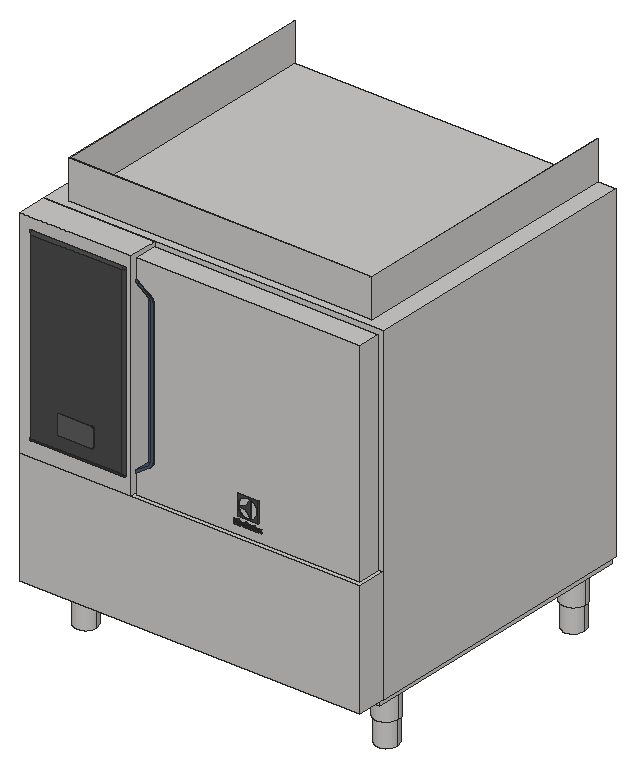
Revit family "QF_ELECTROLUXPROFESSIONAL_725538_EBFA61WE", category Specialty Equipment, Revit 2023
Family settings
  Round Connector Dimension = Use Diameter
  Part Type = Normal
  Work Plane-Based = No
  Enable Cutting in Views = No
  Always vertical = Yes
  Cut with Voids When Loaded = No
  Maintain Annotation Orientation = No
  Shared = No
  Room Calculation Point = No
Parameters
  Weight = 170.00 kg
  Watts = 0 W
  Volts = 380 V
  URL Manufacturer = "http://www.electroluxprofessional.com"
  URL = "http://www.electroluxprofessional.com"
  Steam Supply Size = 0 mm
  Steam Supply Minimum Pressure = 0.0 Pa
  Steam Supply Maximum Pressure = 0.0 Pa
  Steam Pounds per Hour = 0
  Show Logo [instance] = yes
  Show Clearance [instance] = yes
  Refrigeration Suction Line Size = 0 mm
  Refrigeration Liquid Line Size = 0 mm
  Refrigerant Compressor Remote = yes
  Manufacturer = "Electrolux Professional"
  Phase = 3
  Model = "EBFA61WE"
  Length Actual = 897 mm
  Item Number = "725538"
  Hot Water Size = 0 mm
  Height Actual = 1020 mm
  HP = "3.6 HP"
  Gas Size = 0 mm
  Gas KW = 0
  Gas Input Pressure = 0 W
  Direct Waste Size = 139.7 mm
  Description = "SKYLINE CHILLS BLAST CHILLER FREEZER 30/30KG 6 GN 1/1 - FOR TOWER EXECUTION - R290"
  Depth Actual = 937 mm
  Default Elevation = 0 mm
  Cycle = 50 Hz
  Condensate Return Size = 0 mm
  Compressed Air Volume = 0.0 L/s
  Compressed Air Size = 0 mm
  Compressed Air Pressure = 0.0 Pa
  Cold Water Size = 0 mm
  Accessory = no
Reference planes
  plane 1 "Center X": y = 126.851
  plane 2: z = 0
  plane 3 "Center Y": x = -311.5
  plane 4 "LEFT": x = -760
  plane 5 "BACK": y = 548.851
  plane 6 "RIGHT": x = 137
  plane 7 "FRONT": y = -295.149
  plane 8: z = 130
  plane 9: x = -708
  plane 10: y = 473.851
  plane 11: x = 85
  plane 12: y = -142.149
  plane 13 "TOP": z = 1020.038
  plane 14: y = 641.851
  plane 15: y = -847.149
Forms (mm)
  Extrusion 1, solid, material "QF_Finishes_Stainless Steel"
    sketch origin (0, 0, 1060.038) x (-1, 0, 0) y (0, -1, 0)
      loop
        line (759, -548.851) -> (759, 216.149) -> (-136, 216.149) -> (-136, -548.851) -> (759, -548.851)
    from -40 to -910.018
  Extrusion 2, solid, material "QF_Finishes_Stainless Steel"
    sketch origin (0, -295.149, 0) x (-1, 0, 0) y (0, 0, 1)
      loop
        line (451.2, 1020.033) -> (-135.995, 1020.033) -> (-135.995, 462.497) -> (451.2, 462.497) -> (451.2, 513.683) -> (415.41, 537.406)
        arc (415.41, 537.406) -> (408.839, 544.616) -> (406.46, 554.076) r 20
        line (406.46, 554.076) -> (406.46, 928.989)
        arc (406.46, 928.989) -> (408.716, 937.969) -> (414.947, 944.816) r 19
        line (414.947, 944.816) -> (451.2, 968.898) -> (451.2, 1020.033)
    from 0 to 60
  Extrusion 3, void
    sketch origin (-759, -216.149, 1060.038) x (-1, 0, 0) y (0, 0, 1)
      loop
        line (-370.8, -100) -> (-826.8, -100) -> (-826.8, -491.98) -> (-370.8, -491.98) -> (-370.8, -100)
    from 0 to 703
  Extrusion 4, solid, material "QF_Finishes_Stainless Steel"
    sketch origin (-760, -0.954, 0) x (0, 1, 0) y (0, 0, 1)
      loop
        line (549.805, 694.306) -> (549.805, 392.314) -> (635.5, 399.789)
        arc (635.5, 399.789) -> (640.702, 402.354) -> (642.805, 407.759) r 8
        line (642.805, 407.759) -> (642.805, 433.233)
        arc (642.805, 433.233) -> (638.783, 442.547) -> (642.805, 451.86) r 12.795
        line (642.805, 451.86) -> (642.805, 483.24)
        arc (642.805, 483.24) -> (638.783, 492.554) -> (642.805, 501.867) r 12.795
        line (642.805, 501.867) -> (642.805, 533.247)
        arc (642.805, 533.247) -> (638.783, 542.56) -> (642.805, 551.874) r 12.795
        line (642.805, 551.874) -> (642.805, 583.254)
        arc (642.805, 583.254) -> (638.783, 592.567) -> (642.805, 601.881) r 12.795
        line (642.805, 601.881) -> (642.805, 634.796)
        arc (642.805, 634.796) -> (641.466, 639.795) -> (637.808, 643.455) r 10
        line (637.808, 643.455) -> (549.805, 694.306)
    from 123.244 to 306.92
  Extrusion 5, solid, material "QF_Finishes_Stainless Steel"
    sketch origin (-817.599, 548.851, 1060.038) x (1, 0, 0) y (0, 0, -1)
      loop
        circle (121.599, 802.038) r 10.5
    from 0 to 29
  Extrusion 6, solid, material "QF_Finishes_Stainless Steel"
    sketch origin (0, -235.149, 0) x (-1, 0, 0) y (0, 0, 1)
      loop
        arc (406.46, 554.076) -> (408.839, 544.616) -> (415.41, 537.406) r 20
        line (415.41, 537.406) -> (451.2, 513.683) -> (451.2, 968.898) -> (414.947, 944.816)
        arc (414.947, 944.816) -> (408.716, 937.969) -> (406.46, 928.989) r 19
        line (406.46, 928.989) -> (406.46, 554.076)
    from -21 to 0
  Extrusion 7, solid, material "QF_Finishes_Electrolux_Blue"
    sketch origin (0, -295.149, 0) x (1, 0, 0) y (0, 0, 1)
      loop
        line (-451.2, 968.898) -> (-453.7, 968.898) -> (-453.7, 962.755) -> (-418.543, 939.401)
        arc (-418.543, 939.401) -> (-414.444, 934.897) -> (-412.96, 928.989) r 12.5
        line (-412.96, 928.989) -> (-412.96, 554.076)
        arc (-412.96, 554.076) -> (-414.566, 547.691) -> (-419.001, 542.824) r 13.5
        line (-419.001, 542.824) -> (-453.7, 519.824) -> (-453.7, 513.683) -> (-451.2, 513.683) -> (-415.41, 537.406)
        arc (-415.41, 537.406) -> (-408.839, 544.616) -> (-406.46, 554.076) r 20
        line (-406.46, 554.076) -> (-406.46, 928.989)
        arc (-406.46, 928.989) -> (-408.716, 937.969) -> (-414.947, 944.816) r 19
        line (-414.947, 944.816) -> (-451.2, 968.898)
    from -39 to 1
  Extrusion 8, solid, material "QF_Finishes_Stainless Steel"
    sketch origin (0, 0, 1060.038) x (-1, 0, 0) y (0, -1, 0)
      loop
        line (759, 295.149) -> (467.2, 295.149) -> (467.2, 217.149) -> (759, 217.149) -> (759, 295.149)
    from -40 to -607
  Extrusion 9, solid, material "QF_Finishes_Stainless Steel"
    sketch origin (-1206.916, -1524, 130) x (-1, 0, 0) y (0, -1, 0)
      loop
        line (-447.916, -1228.851) -> (-1342.916, -1228.851) -> (-1342.916, -1306.851) -> (-447.916, -1306.851) -> (-447.916, -1228.851)
    from 322 to 20.02
  Extrusion 10, solid, material "QF_Finishes_Stainless Steel"
    sketch origin (0, 0, 1060.038) x (-1, 0, 0) y (0, -1, 0)
      loop
        line (748.993, -548.851) -> (748.993, 214.216) -> (-125.993, 214.216) -> (-125.993, -548.851) -> (748.993, -548.851)
    from -910.018 to -930.038
  Extrusion 11, solid, material "QF_Finishes_Stainless Steel"
    sketch origin (0, 0, 130) x (0, -1, 0) y (-1, 0, 0)
      loop
        circle (-215.851, 360) r 9.5
    from 0 to 31.68
  Extrusion 12, void
    sketch origin (0, 0, 1060.038) x (-1, 0, 0) y (0, -1, 0)
      loop
        line (627.033, -641.851) -> (636.756, -641.851) -> (636.756, -548.851) -> (635.125, -548.851) -> (627.033, -641.851)
      loop
        line (454.711, -548.851) -> (453.08, -548.851) -> (453.08, -641.851) -> (462.803, -641.851) -> (454.711, -548.851)
    from -673 to -363
  Extrusion 13, solid, material "QF_Door-Drawer Clearances", visible <- "Show Clearance", detail levels coarse
    sketch origin (143, -393.449, 0) x (0, -1, 0) y (0, 0, 1)
      loop
        line (451.2, 1020.033) -> (-98.3, 1020.033) -> (-98.3, 462.497) -> (451.2, 462.497) -> (451.2, 513.683) -> (415.41, 537.406)
        arc (415.41, 537.406) -> (408.839, 544.616) -> (406.46, 554.076) r 20
        line (406.46, 554.076) -> (406.46, 928.989)
        arc (406.46, 928.989) -> (408.716, 937.969) -> (414.947, 944.816) r 19
        line (414.947, 944.816) -> (451.2, 968.898) -> (451.2, 1020.033)
    from 0 to 60
  Extrusion 14, solid, material "QF_Door-Drawer Clearances", visible <- "Show Clearance", detail levels coarse
    sketch origin (83, -393.449, 0) x (0, -1, 0) y (0, 0, 1)
      loop
        arc (406.46, 554.076) -> (408.839, 544.616) -> (415.41, 537.406) r 20
        line (415.41, 537.406) -> (451.2, 513.683) -> (451.2, 968.898) -> (414.947, 944.816)
        arc (414.947, 944.816) -> (408.716, 937.969) -> (406.46, 928.989) r 19
        line (406.46, 928.989) -> (406.46, 554.076)
    from -21 to 0
  Extrusion 15, solid, material "QF_Door-Drawer Clearances", visible <- "Show Clearance", detail levels coarse
    sketch origin (143, -393.449, 0) x (0, 1, 0) y (0, 0, 1)
      loop
        line (-451.2, 968.898) -> (-453.7, 968.898) -> (-453.7, 962.755) -> (-418.543, 939.401)
        arc (-418.543, 939.401) -> (-414.444, 934.897) -> (-412.96, 928.989) r 12.5
        line (-412.96, 928.989) -> (-412.96, 554.076)
        arc (-412.96, 554.076) -> (-414.566, 547.691) -> (-419.001, 542.824) r 13.5
        line (-419.001, 542.824) -> (-453.7, 519.824) -> (-453.7, 513.683) -> (-451.2, 513.683) -> (-415.41, 537.406)
        arc (-415.41, 537.406) -> (-408.839, 544.616) -> (-406.46, 554.076) r 20
        line (-406.46, 554.076) -> (-406.46, 928.989)
        arc (-406.46, 928.989) -> (-408.716, 937.969) -> (-414.947, 944.816) r 19
        line (-414.947, 944.816) -> (-451.2, 968.898)
    from -39 to 1
  Extrusion 16, solid, material "QF_Door-Drawer Clearances", visible <- "Show Clearance", detail levels coarse
    sketch origin (0, 0, 1060.038) x (-1, 0, 0) y (0, -1, 0)
      loop
        line (-83, 295.149) -> (451.2, 295.149)
        arc (451.2, 295.149) -> (290.883, 673.709) -> (-83, 844.649) r 567.425
        line (-83, 844.649) -> (-83, 295.149)
    from -597.541 to -40
  Extrusion 17, solid, material "QF_Finishes_Stainless Steel"
    sketch origin (-19, -1, 0) x (1, 0, 0) y (0, 1, 0)
      loop
        line (-690, -190.149) -> (-690, 549.851) -> (-692, 549.851) -> (-692, -192.149) -> (107, -192.149) -> (107, 549.851) -> (105, 549.851) -> (105, -190.149) -> (-690, -190.149)
    from 1020.038 to 1120.038
Cuts and joins
  Extrusion 3 cuts Extrusion 1
  Extrusion 12 cuts Extrusion 4
  joined: Extrusion 1, Extrusion 4, Extrusion 5, Extrusion 10, Extrusion 11
  joined: Extrusion 2, Extrusion 6
  joined: Extrusion 13, Extrusion 14, Extrusion 15, Extrusion 16
Lines and regions (mm)
  Split face 1
    outline origin (-489, -295.149, 130) x (-1, 0, 0) y (0, 0, -1)
      loop
        line (-132.388, -290.639) -> (-22.373, -290.639) -> (-22.373, -285.612) -> (-132.388, -285.612) -> (-132.388, -290.639)
  Split face 2
    outline origin (-489, -295.149, 120.528) x (-1, 0, 0) y (0, 0, -1)
      loop
        line (-132.388, -290.639) -> (-22.373, -290.639) -> (-22.373, -285.612) -> (-132.388, -285.612) -> (-132.388, -290.639)
  Split face 3
    outline origin (-489, -295.149, 111.056) x (-1, 0, 0) y (0, 0, -1)
      loop
        line (-132.388, -290.639) -> (-22.373, -290.639) -> (-22.373, -285.612) -> (-132.388, -285.612) -> (-132.388, -290.639)
  Split face 4
    outline origin (-489, -295.149, 101.583) x (-1, 0, 0) y (0, 0, -1)
      loop
        line (-132.388, -290.639) -> (-22.373, -290.639) -> (-22.373, -285.612) -> (-132.388, -285.612) -> (-132.388, -290.639)
  Split face 5
    outline origin (-489, -295.149, 92.111) x (-1, 0, 0) y (0, 0, -1)
      loop
        line (-132.388, -290.639) -> (-22.373, -290.639) -> (-22.373, -285.612) -> (-132.388, -285.612) -> (-132.388, -290.639)
  Split face 6
    outline origin (-489, -295.149, 82.639) x (-1, 0, 0) y (0, 0, -1)
      loop
        line (-132.388, -290.639) -> (-22.373, -290.639) -> (-22.373, -285.612) -> (-132.388, -285.612) -> (-132.388, -290.639)
  Split face 7
    outline origin (-489, -295.149, 73.167) x (-1, 0, 0) y (0, 0, -1)
      loop
        line (-132.388, -290.639) -> (-22.373, -290.639) -> (-22.373, -285.612) -> (-132.388, -285.612) -> (-132.388, -290.639)
  Split face 8
    outline origin (-489, -295.149, 63.695) x (-1, 0, 0) y (0, 0, -1)
      loop
        line (-132.388, -290.639) -> (-22.373, -290.639) -> (-22.373, -285.612) -> (-132.388, -285.612) -> (-132.388, -290.639)
  Split face 9
    outline origin (-489, -295.149, 54.223) x (-1, 0, 0) y (0, 0, -1)
      loop
        line (-132.388, -290.639) -> (-22.373, -290.639) -> (-22.373, -285.612) -> (-132.388, -285.612) -> (-132.388, -290.639)
  Split face 10
    outline origin (-489, -295.149, 44.75) x (-1, 0, 0) y (0, 0, -1)
      loop
        line (-132.388, -290.639) -> (-22.373, -290.639) -> (-22.373, -285.612) -> (-132.388, -285.612) -> (-132.388, -290.639)
  Split face 11
    outline origin (-489, -295.149, 35.278) x (-1, 0, 0) y (0, 0, -1)
      loop
        line (-132.388, -290.639) -> (-22.373, -290.639) -> (-22.373, -285.612) -> (-132.388, -285.612) -> (-132.388, -290.639)
  Split face 12
    outline origin (-489, -295.149, 25.806) x (-1, 0, 0) y (0, 0, -1)
      loop
        line (-132.388, -290.639) -> (-22.373, -290.639) -> (-22.373, -285.612) -> (-132.388, -285.612) -> (-132.388, -290.639)
  Split face 13
    outline origin (-489, -295.149, 16.334) x (-1, 0, 0) y (0, 0, -1)
      loop
        line (-132.388, -290.639) -> (-22.373, -290.639) -> (-22.373, -285.612) -> (-132.388, -285.612) -> (-132.388, -290.639)
  Split face 14
    outline origin (-489, -295.149, 6.862) x (-1, 0, 0) y (0, 0, -1)
      loop
        line (-132.388, -290.639) -> (-22.373, -290.639) -> (-22.373, -285.612) -> (-132.388, -285.612) -> (-132.388, -290.639)
  Split face 15
    outline origin (-489, -295.149, -2.611) x (-1, 0, 0) y (0, 0, -1)
      loop
        line (-132.388, -290.639) -> (-22.373, -290.639) -> (-22.373, -285.612) -> (-132.388, -285.612) -> (-132.388, -290.639)
  Split face 16
    outline origin (-489, -295.149, -12.083) x (-1, 0, 0) y (0, 0, -1)
      loop
        line (-132.388, -290.639) -> (-22.373, -290.639) -> (-22.373, -285.612) -> (-132.388, -285.612) -> (-132.388, -290.639)
  Split face 17
    outline origin (-489, -295.149, -21.555) x (-1, 0, 0) y (0, 0, -1)
      loop
        line (-132.388, -290.639) -> (-22.373, -290.639) -> (-22.373, -285.612) -> (-132.388, -285.612) -> (-132.388, -290.639)
  Split face 18
    outline origin (-489, -295.149, -31.027) x (-1, 0, 0) y (0, 0, -1)
      loop
        line (-132.388, -290.639) -> (-22.373, -290.639) -> (-22.373, -285.612) -> (-132.388, -285.612) -> (-132.388, -290.639)
  Split face 19
    outline origin (-489, -295.149, -40.499) x (-1, 0, 0) y (0, 0, -1)
      loop
        line (-132.388, -290.639) -> (-22.373, -290.639) -> (-22.373, -285.612) -> (-132.388, -285.612) -> (-132.388, -290.639)
  Split face 20
    outline origin (-489, -295.149, -49.972) x (-1, 0, 0) y (0, 0, -1)
      loop
        line (-132.388, -290.639) -> (-22.373, -290.639) -> (-22.373, -285.612) -> (-132.388, -285.612) -> (-132.388, -290.639)
  Split face 21
    outline origin (-489, -295.149, -59.444) x (-1, 0, 0) y (0, 0, -1)
      loop
        line (-132.388, -290.639) -> (-22.373, -290.639) -> (-22.373, -285.612) -> (-132.388, -285.612) -> (-132.388, -290.639)
  Split face 22
    outline origin (-489, -295.149, -68.916) x (-1, 0, 0) y (0, 0, -1)
      loop
        line (-132.388, -290.639) -> (-22.373, -290.639) -> (-22.373, -285.612) -> (-132.388, -285.612) -> (-132.388, -290.639)
  Split face 23
    outline origin (-489, -295.149, -78.388) x (-1, 0, 0) y (0, 0, -1)
      loop
        line (-132.388, -290.639) -> (-22.373, -290.639) -> (-22.373, -285.612) -> (-132.388, -285.612) -> (-132.388, -290.639)
  Split face 24
    outline origin (-489, -295.149, -87.86) x (-1, 0, 0) y (0, 0, -1)
      loop
        line (-132.388, -290.639) -> (-22.373, -290.639) -> (-22.373, -285.612) -> (-132.388, -285.612) -> (-132.388, -290.639)
  Split face 25
    outline origin (-489, -295.149, -97.332) x (-1, 0, 0) y (0, 0, -1)
      loop
        line (-132.388, -290.639) -> (-22.373, -290.639) -> (-22.373, -285.612) -> (-132.388, -285.612) -> (-132.388, -290.639)
  Split face 26
    outline origin (-489, -295.149, -106.805) x (-1, 0, 0) y (0, 0, -1)
      loop
        line (-132.388, -290.639) -> (-22.373, -290.639) -> (-22.373, -285.612) -> (-132.388, -285.612) -> (-132.388, -290.639)
  Split face 27
    outline origin (-373.984, -295.149, 130) x (-1, 0, 0) y (0, 0, -1)
      loop
        line (-132.388, -290.639) -> (-22.373, -290.639) -> (-22.373, -285.612) -> (-132.388, -285.612) -> (-132.388, -290.639)
  Split face 28
    outline origin (-373.984, -295.149, 120.528) x (-1, 0, 0) y (0, 0, -1)
      loop
        line (-132.388, -290.639) -> (-22.373, -290.639) -> (-22.373, -285.612) -> (-132.388, -285.612) -> (-132.388, -290.639)
  Split face 29
    outline origin (-373.984, -295.149, 111.056) x (-1, 0, 0) y (0, 0, -1)
      loop
        line (-132.388, -290.639) -> (-22.373, -290.639) -> (-22.373, -285.612) -> (-132.388, -285.612) -> (-132.388, -290.639)
  Split face 30
    outline origin (-373.984, -295.149, 101.583) x (-1, 0, 0) y (0, 0, -1)
      loop
        line (-132.388, -290.639) -> (-22.373, -290.639) -> (-22.373, -285.612) -> (-132.388, -285.612) -> (-132.388, -290.639)
  Split face 31
    outline origin (-373.984, -295.149, 92.111) x (-1, 0, 0) y (0, 0, -1)
      loop
        line (-132.388, -290.639) -> (-22.373, -290.639) -> (-22.373, -285.612) -> (-132.388, -285.612) -> (-132.388, -290.639)
  Split face 32
    outline origin (-373.984, -295.149, 82.639) x (-1, 0, 0) y (0, 0, -1)
      loop
        line (-132.388, -290.639) -> (-22.373, -290.639) -> (-22.373, -285.612) -> (-132.388, -285.612) -> (-132.388, -290.639)
  Split face 33
    outline origin (-373.984, -295.149, 73.167) x (-1, 0, 0) y (0, 0, -1)
      loop
        line (-132.388, -290.639) -> (-22.373, -290.639) -> (-22.373, -285.612) -> (-132.388, -285.612) -> (-132.388, -290.639)
  Split face 34
    outline origin (-373.984, -295.149, 63.695) x (-1, 0, 0) y (0, 0, -1)
      loop
        line (-132.388, -290.639) -> (-22.373, -290.639) -> (-22.373, -285.612) -> (-132.388, -285.612) -> (-132.388, -290.639)
  Split face 35
    outline origin (-373.984, -295.149, 54.223) x (-1, 0, 0) y (0, 0, -1)
      loop
        line (-132.388, -290.639) -> (-22.373, -290.639) -> (-22.373, -285.612) -> (-132.388, -285.612) -> (-132.388, -290.639)
  Split face 36
    outline origin (-373.984, -295.149, 44.75) x (-1, 0, 0) y (0, 0, -1)
      loop
        line (-132.388, -290.639) -> (-22.373, -290.639) -> (-22.373, -285.612) -> (-132.388, -285.612) -> (-132.388, -290.639)
  Split face 37
    outline origin (-373.984, -295.149, 35.278) x (-1, 0, 0) y (0, 0, -1)
      loop
        line (-132.388, -290.639) -> (-22.373, -290.639) -> (-22.373, -285.612) -> (-132.388, -285.612) -> (-132.388, -290.639)
  Split face 38
    outline origin (-373.984, -295.149, 25.806) x (-1, 0, 0) y (0, 0, -1)
      loop
        line (-132.388, -290.639) -> (-22.373, -290.639) -> (-22.373, -285.612) -> (-132.388, -285.612) -> (-132.388, -290.639)
  Split face 39
    outline origin (-373.984, -295.149, 16.334) x (-1, 0, 0) y (0, 0, -1)
      loop
        line (-132.388, -290.639) -> (-22.373, -290.639) -> (-22.373, -285.612) -> (-132.388, -285.612) -> (-132.388, -290.639)
  Split face 40
    outline origin (-373.984, -295.149, 6.862) x (-1, 0, 0) y (0, 0, -1)
      loop
        line (-132.388, -290.639) -> (-22.373, -290.639) -> (-22.373, -285.612) -> (-132.388, -285.612) -> (-132.388, -290.639)
  Split face 41
    outline origin (-373.984, -295.149, -2.611) x (-1, 0, 0) y (0, 0, -1)
      loop
        line (-132.388, -290.639) -> (-22.373, -290.639) -> (-22.373, -285.612) -> (-132.388, -285.612) -> (-132.388, -290.639)
  Split face 42
    outline origin (-373.984, -295.149, -12.083) x (-1, 0, 0) y (0, 0, -1)
      loop
        line (-132.388, -290.639) -> (-22.373, -290.639) -> (-22.373, -285.612) -> (-132.388, -285.612) -> (-132.388, -290.639)
  Split face 43
    outline origin (-373.984, -295.149, -21.555) x (-1, 0, 0) y (0, 0, -1)
      loop
        line (-132.388, -290.639) -> (-22.373, -290.639) -> (-22.373, -285.612) -> (-132.388, -285.612) -> (-132.388, -290.639)
  Split face 44
    outline origin (-373.984, -295.149, -31.027) x (-1, 0, 0) y (0, 0, -1)
      loop
        line (-132.388, -290.639) -> (-22.373, -290.639) -> (-22.373, -285.612) -> (-132.388, -285.612) -> (-132.388, -290.639)
  Split face 45
    outline origin (-373.984, -295.149, -40.499) x (-1, 0, 0) y (0, 0, -1)
      loop
        line (-132.388, -290.639) -> (-22.373, -290.639) -> (-22.373, -285.612) -> (-132.388, -285.612) -> (-132.388, -290.639)
  Split face 46
    outline origin (-373.984, -295.149, -49.972) x (-1, 0, 0) y (0, 0, -1)
      loop
        line (-132.388, -290.639) -> (-22.373, -290.639) -> (-22.373, -285.612) -> (-132.388, -285.612) -> (-132.388, -290.639)
  Split face 47
    outline origin (-373.984, -295.149, -59.444) x (-1, 0, 0) y (0, 0, -1)
      loop
        line (-132.388, -290.639) -> (-22.373, -290.639) -> (-22.373, -285.612) -> (-132.388, -285.612) -> (-132.388, -290.639)
  Split face 48
    outline origin (-373.984, -295.149, -68.916) x (-1, 0, 0) y (0, 0, -1)
      loop
        line (-132.388, -290.639) -> (-22.373, -290.639) -> (-22.373, -285.612) -> (-132.388, -285.612) -> (-132.388, -290.639)
  Split face 49
    outline origin (-373.984, -295.149, -78.388) x (-1, 0, 0) y (0, 0, -1)
      loop
        line (-132.388, -290.639) -> (-22.373, -290.639) -> (-22.373, -285.612) -> (-132.388, -285.612) -> (-132.388, -290.639)
  Split face 50
    outline origin (-373.984, -295.149, -87.86) x (-1, 0, 0) y (0, 0, -1)
      loop
        line (-132.388, -290.639) -> (-22.373, -290.639) -> (-22.373, -285.612) -> (-132.388, -285.612) -> (-132.388, -290.639)
  Split face 51
    outline origin (-373.984, -295.149, -97.332) x (-1, 0, 0) y (0, 0, -1)
      loop
        line (-132.388, -290.639) -> (-22.373, -290.639) -> (-22.373, -285.612) -> (-132.388, -285.612) -> (-132.388, -290.639)
  Split face 52
    outline origin (-373.984, -295.149, -106.805) x (-1, 0, 0) y (0, 0, -1)
      loop
        line (-132.388, -290.639) -> (-22.373, -290.639) -> (-22.373, -285.612) -> (-132.388, -285.612) -> (-132.388, -290.639)
  Split face 53
    outline origin (-258.969, -295.149, 130) x (-1, 0, 0) y (0, 0, -1)
      loop
        line (-132.388, -290.639) -> (-22.373, -290.639) -> (-22.373, -285.612) -> (-132.388, -285.612) -> (-132.388, -290.639)
  Split face 54
    outline origin (-258.969, -295.149, 120.528) x (-1, 0, 0) y (0, 0, -1)
      loop
        line (-132.388, -290.639) -> (-22.373, -290.639) -> (-22.373, -285.612) -> (-132.388, -285.612) -> (-132.388, -290.639)
  Split face 55
    outline origin (-258.969, -295.149, 111.056) x (-1, 0, 0) y (0, 0, -1)
      loop
        line (-132.388, -290.639) -> (-22.373, -290.639) -> (-22.373, -285.612) -> (-132.388, -285.612) -> (-132.388, -290.639)
  Split face 56
    outline origin (-258.969, -295.149, 101.583) x (-1, 0, 0) y (0, 0, -1)
      loop
        line (-132.388, -290.639) -> (-22.373, -290.639) -> (-22.373, -285.612) -> (-132.388, -285.612) -> (-132.388, -290.639)
  Split face 57
    outline origin (-258.969, -295.149, 92.111) x (-1, 0, 0) y (0, 0, -1)
      loop
        line (-132.388, -290.639) -> (-22.373, -290.639) -> (-22.373, -285.612) -> (-132.388, -285.612) -> (-132.388, -290.639)
  Split face 58
    outline origin (-258.969, -295.149, 82.639) x (-1, 0, 0) y (0, 0, -1)
      loop
        line (-132.388, -290.639) -> (-22.373, -290.639) -> (-22.373, -285.612) -> (-132.388, -285.612) -> (-132.388, -290.639)
  Split face 59
    outline origin (-258.969, -295.149, 73.167) x (-1, 0, 0) y (0, 0, -1)
      loop
        line (-132.388, -290.639) -> (-22.373, -290.639) -> (-22.373, -285.612) -> (-132.388, -285.612) -> (-132.388, -290.639)
  Split face 60
    outline origin (-258.969, -295.149, 63.695) x (-1, 0, 0) y (0, 0, -1)
      loop
        line (-132.388, -290.639) -> (-22.373, -290.639) -> (-22.373, -285.612) -> (-132.388, -285.612) -> (-132.388, -290.639)
  Split face 61
    outline origin (-258.969, -295.149, 54.223) x (-1, 0, 0) y (0, 0, -1)
      loop
        line (-132.388, -290.639) -> (-22.373, -290.639) -> (-22.373, -285.612) -> (-132.388, -285.612) -> (-132.388, -290.639)
  Split face 62
    outline origin (-258.969, -295.149, 44.75) x (-1, 0, 0) y (0, 0, -1)
      loop
        line (-132.388, -290.639) -> (-22.373, -290.639) -> (-22.373, -285.612) -> (-132.388, -285.612) -> (-132.388, -290.639)
  Split face 63
    outline origin (-258.969, -295.149, 35.278) x (-1, 0, 0) y (0, 0, -1)
      loop
        line (-132.388, -290.639) -> (-22.373, -290.639) -> (-22.373, -285.612) -> (-132.388, -285.612) -> (-132.388, -290.639)
  Split face 64
    outline origin (-258.969, -295.149, 25.806) x (-1, 0, 0) y (0, 0, -1)
      loop
        line (-132.388, -290.639) -> (-22.373, -290.639) -> (-22.373, -285.612) -> (-132.388, -285.612) -> (-132.388, -290.639)
  Split face 65
    outline origin (-258.969, -295.149, 16.334) x (-1, 0, 0) y (0, 0, -1)
      loop
        line (-132.388, -290.639) -> (-22.373, -290.639) -> (-22.373, -285.612) -> (-132.388, -285.612) -> (-132.388, -290.639)
  Split face 66
    outline origin (-258.969, -295.149, 6.862) x (-1, 0, 0) y (0, 0, -1)
      loop
        line (-132.388, -290.639) -> (-22.373, -290.639) -> (-22.373, -285.612) -> (-132.388, -285.612) -> (-132.388, -290.639)
  Split face 67
    outline origin (-258.969, -295.149, -2.611) x (-1, 0, 0) y (0, 0, -1)
      loop
        line (-132.388, -290.639) -> (-22.373, -290.639) -> (-22.373, -285.612) -> (-132.388, -285.612) -> (-132.388, -290.639)
  Split face 68
    outline origin (-258.969, -295.149, -12.083) x (-1, 0, 0) y (0, 0, -1)
      loop
        line (-132.388, -290.639) -> (-22.373, -290.639) -> (-22.373, -285.612) -> (-132.388, -285.612) -> (-132.388, -290.639)
  Split face 69
    outline origin (-258.969, -295.149, -21.555) x (-1, 0, 0) y (0, 0, -1)
      loop
        line (-132.388, -290.639) -> (-22.373, -290.639) -> (-22.373, -285.612) -> (-132.388, -285.612) -> (-132.388, -290.639)
  Split face 70
    outline origin (-258.969, -295.149, -31.027) x (-1, 0, 0) y (0, 0, -1)
      loop
        line (-132.388, -290.639) -> (-22.373, -290.639) -> (-22.373, -285.612) -> (-132.388, -285.612) -> (-132.388, -290.639)
  Split face 71
    outline origin (-258.969, -295.149, -40.499) x (-1, 0, 0) y (0, 0, -1)
      loop
        line (-132.388, -290.639) -> (-22.373, -290.639) -> (-22.373, -285.612) -> (-132.388, -285.612) -> (-132.388, -290.639)
  Split face 72
    outline origin (-258.969, -295.149, -49.972) x (-1, 0, 0) y (0, 0, -1)
      loop
        line (-132.388, -290.639) -> (-22.373, -290.639) -> (-22.373, -285.612) -> (-132.388, -285.612) -> (-132.388, -290.639)
  Split face 73
    outline origin (-258.969, -295.149, -59.444) x (-1, 0, 0) y (0, 0, -1)
      loop
        line (-132.388, -290.639) -> (-22.373, -290.639) -> (-22.373, -285.612) -> (-132.388, -285.612) -> (-132.388, -290.639)
  Split face 74
    outline origin (-258.969, -295.149, -68.916) x (-1, 0, 0) y (0, 0, -1)
      loop
        line (-132.388, -290.639) -> (-22.373, -290.639) -> (-22.373, -285.612) -> (-132.388, -285.612) -> (-132.388, -290.639)
  Split face 75
    outline origin (-258.969, -295.149, -78.388) x (-1, 0, 0) y (0, 0, -1)
      loop
        line (-132.388, -290.639) -> (-22.373, -290.639) -> (-22.373, -285.612) -> (-132.388, -285.612) -> (-132.388, -290.639)
  Split face 76
    outline origin (-258.969, -295.149, -87.86) x (-1, 0, 0) y (0, 0, -1)
      loop
        line (-132.388, -290.639) -> (-22.373, -290.639) -> (-22.373, -285.612) -> (-132.388, -285.612) -> (-132.388, -290.639)
  Split face 77
    outline origin (-258.969, -295.149, -97.332) x (-1, 0, 0) y (0, 0, -1)
      loop
        line (-132.388, -290.639) -> (-22.373, -290.639) -> (-22.373, -285.612) -> (-132.388, -285.612) -> (-132.388, -290.639)
  Split face 78
    outline origin (-258.969, -295.149, -106.805) x (-1, 0, 0) y (0, 0, -1)
      loop
        line (-132.388, -290.639) -> (-22.373, -290.639) -> (-22.373, -285.612) -> (-132.388, -285.612) -> (-132.388, -290.639)
  Split face 79
    outline origin (-143.953, -295.149, 130) x (-1, 0, 0) y (0, 0, -1)
      loop
        line (-132.388, -290.639) -> (-22.373, -290.639) -> (-22.373, -285.612) -> (-132.388, -285.612) -> (-132.388, -290.639)
  Split face 80
    outline origin (-143.953, -295.149, 120.528) x (-1, 0, 0) y (0, 0, -1)
      loop
        line (-132.388, -290.639) -> (-22.373, -290.639) -> (-22.373, -285.612) -> (-132.388, -285.612) -> (-132.388, -290.639)
  Split face 81
    outline origin (-143.953, -295.149, 111.056) x (-1, 0, 0) y (0, 0, -1)
      loop
        line (-132.388, -290.639) -> (-22.373, -290.639) -> (-22.373, -285.612) -> (-132.388, -285.612) -> (-132.388, -290.639)
  Split face 82
    outline origin (-143.953, -295.149, 101.583) x (-1, 0, 0) y (0, 0, -1)
      loop
        line (-132.388, -290.639) -> (-22.373, -290.639) -> (-22.373, -285.612) -> (-132.388, -285.612) -> (-132.388, -290.639)
  Split face 83
    outline origin (-143.953, -295.149, 92.111) x (-1, 0, 0) y (0, 0, -1)
      loop
        line (-132.388, -290.639) -> (-22.373, -290.639) -> (-22.373, -285.612) -> (-132.388, -285.612) -> (-132.388, -290.639)
  Split face 84
    outline origin (-143.953, -295.149, 82.639) x (-1, 0, 0) y (0, 0, -1)
      loop
        line (-132.388, -290.639) -> (-22.373, -290.639) -> (-22.373, -285.612) -> (-132.388, -285.612) -> (-132.388, -290.639)
  Split face 85
    outline origin (-143.953, -295.149, 73.167) x (-1, 0, 0) y (0, 0, -1)
      loop
        line (-132.388, -290.639) -> (-22.373, -290.639) -> (-22.373, -285.612) -> (-132.388, -285.612) -> (-132.388, -290.639)
  Split face 86
    outline origin (-143.953, -295.149, 63.695) x (-1, 0, 0) y (0, 0, -1)
      loop
        line (-132.388, -290.639) -> (-22.373, -290.639) -> (-22.373, -285.612) -> (-132.388, -285.612) -> (-132.388, -290.639)
  Split face 87
    outline origin (-143.953, -295.149, 54.223) x (-1, 0, 0) y (0, 0, -1)
      loop
        line (-132.388, -290.639) -> (-22.373, -290.639) -> (-22.373, -285.612) -> (-132.388, -285.612) -> (-132.388, -290.639)
  Split face 88
    outline origin (-143.953, -295.149, 44.75) x (-1, 0, 0) y (0, 0, -1)
      loop
        line (-132.388, -290.639) -> (-22.373, -290.639) -> (-22.373, -285.612) -> (-132.388, -285.612) -> (-132.388, -290.639)
  Split face 89
    outline origin (-143.953, -295.149, 35.278) x (-1, 0, 0) y (0, 0, -1)
      loop
        line (-132.388, -290.639) -> (-22.373, -290.639) -> (-22.373, -285.612) -> (-132.388, -285.612) -> (-132.388, -290.639)
  Split face 90
    outline origin (-143.953, -295.149, 25.806) x (-1, 0, 0) y (0, 0, -1)
      loop
        line (-132.388, -290.639) -> (-22.373, -290.639) -> (-22.373, -285.612) -> (-132.388, -285.612) -> (-132.388, -290.639)
  Split face 91
    outline origin (-143.953, -295.149, 16.334) x (-1, 0, 0) y (0, 0, -1)
      loop
        line (-132.388, -290.639) -> (-22.373, -290.639) -> (-22.373, -285.612) -> (-132.388, -285.612) -> (-132.388, -290.639)
  Split face 92
    outline origin (-143.953, -295.149, 6.862) x (-1, 0, 0) y (0, 0, -1)
      loop
        line (-132.388, -290.639) -> (-22.373, -290.639) -> (-22.373, -285.612) -> (-132.388, -285.612) -> (-132.388, -290.639)
  Split face 93
    outline origin (-143.953, -295.149, -2.611) x (-1, 0, 0) y (0, 0, -1)
      loop
        line (-132.388, -290.639) -> (-22.373, -290.639) -> (-22.373, -285.612) -> (-132.388, -285.612) -> (-132.388, -290.639)
  Split face 94
    outline origin (-143.953, -295.149, -12.083) x (-1, 0, 0) y (0, 0, -1)
      loop
        line (-132.388, -290.639) -> (-22.373, -290.639) -> (-22.373, -285.612) -> (-132.388, -285.612) -> (-132.388, -290.639)
  Split face 95
    outline origin (-143.953, -295.149, -21.555) x (-1, 0, 0) y (0, 0, -1)
      loop
        line (-132.388, -290.639) -> (-22.373, -290.639) -> (-22.373, -285.612) -> (-132.388, -285.612) -> (-132.388, -290.639)
  Split face 96
    outline origin (-143.953, -295.149, -31.027) x (-1, 0, 0) y (0, 0, -1)
      loop
        line (-132.388, -290.639) -> (-22.373, -290.639) -> (-22.373, -285.612) -> (-132.388, -285.612) -> (-132.388, -290.639)
  Split face 97
    outline origin (-143.953, -295.149, -40.499) x (-1, 0, 0) y (0, 0, -1)
      loop
        line (-132.388, -290.639) -> (-22.373, -290.639) -> (-22.373, -285.612) -> (-132.388, -285.612) -> (-132.388, -290.639)
  Split face 98
    outline origin (-143.953, -295.149, -49.972) x (-1, 0, 0) y (0, 0, -1)
      loop
        line (-132.388, -290.639) -> (-22.373, -290.639) -> (-22.373, -285.612) -> (-132.388, -285.612) -> (-132.388, -290.639)
  Split face 99
    outline origin (-143.953, -295.149, -59.444) x (-1, 0, 0) y (0, 0, -1)
      loop
        line (-132.388, -290.639) -> (-22.373, -290.639) -> (-22.373, -285.612) -> (-132.388, -285.612) -> (-132.388, -290.639)
  Split face 100
    outline origin (-143.953, -295.149, -68.916) x (-1, 0, 0) y (0, 0, -1)
      loop
        line (-132.388, -290.639) -> (-22.373, -290.639) -> (-22.373, -285.612) -> (-132.388, -285.612) -> (-132.388, -290.639)
  Split face 101
    outline origin (-143.953, -295.149, -78.388) x (-1, 0, 0) y (0, 0, -1)
      loop
        line (-132.388, -290.639) -> (-22.373, -290.639) -> (-22.373, -285.612) -> (-132.388, -285.612) -> (-132.388, -290.639)
  Split face 102
    outline origin (-143.953, -295.149, -87.86) x (-1, 0, 0) y (0, 0, -1)
      loop
        line (-132.388, -290.639) -> (-22.373, -290.639) -> (-22.373, -285.612) -> (-132.388, -285.612) -> (-132.388, -290.639)
  Split face 103
    outline origin (-143.953, -295.149, -97.332) x (-1, 0, 0) y (0, 0, -1)
      loop
        line (-132.388, -290.639) -> (-22.373, -290.639) -> (-22.373, -285.612) -> (-132.388, -285.612) -> (-132.388, -290.639)
  Split face 104
    outline origin (-143.953, -295.149, -106.805) x (-1, 0, 0) y (0, 0, -1)
      loop
        line (-132.388, -290.639) -> (-22.373, -290.639) -> (-22.373, -285.612) -> (-132.388, -285.612) -> (-132.388, -290.639)
  Split face 105
    outline origin (-28.938, -295.149, 130) x (-1, 0, 0) y (0, 0, -1)
      loop
        line (-132.388, -290.639) -> (-22.373, -290.639) -> (-22.373, -285.612) -> (-132.388, -285.612) -> (-132.388, -290.639)
  Split face 106
    outline origin (-28.938, -295.149, 120.528) x (-1, 0, 0) y (0, 0, -1)
      loop
        line (-132.388, -290.639) -> (-22.373, -290.639) -> (-22.373, -285.612) -> (-132.388, -285.612) -> (-132.388, -290.639)
  Split face 107
    outline origin (-28.938, -295.149, 111.056) x (-1, 0, 0) y (0, 0, -1)
      loop
        line (-132.388, -290.639) -> (-22.373, -290.639) -> (-22.373, -285.612) -> (-132.388, -285.612) -> (-132.388, -290.639)
  Split face 108
    outline origin (-28.938, -295.149, 101.583) x (-1, 0, 0) y (0, 0, -1)
      loop
        line (-132.388, -290.639) -> (-22.373, -290.639) -> (-22.373, -285.612) -> (-132.388, -285.612) -> (-132.388, -290.639)
  Split face 109
    outline origin (-28.938, -295.149, 92.111) x (-1, 0, 0) y (0, 0, -1)
      loop
        line (-132.388, -290.639) -> (-22.373, -290.639) -> (-22.373, -285.612) -> (-132.388, -285.612) -> (-132.388, -290.639)
  Split face 110
    outline origin (-28.938, -295.149, 82.639) x (-1, 0, 0) y (0, 0, -1)
      loop
        line (-132.388, -290.639) -> (-22.373, -290.639) -> (-22.373, -285.612) -> (-132.388, -285.612) -> (-132.388, -290.639)
  Split face 111
    outline origin (-28.938, -295.149, 73.167) x (-1, 0, 0) y (0, 0, -1)
      loop
        line (-132.388, -290.639) -> (-22.373, -290.639) -> (-22.373, -285.612) -> (-132.388, -285.612) -> (-132.388, -290.639)
  Split face 112
    outline origin (-28.938, -295.149, 63.695) x (-1, 0, 0) y (0, 0, -1)
      loop
        line (-132.388, -290.639) -> (-22.373, -290.639) -> (-22.373, -285.612) -> (-132.388, -285.612) -> (-132.388, -290.639)
  Split face 113
    outline origin (-28.938, -295.149, 54.223) x (-1, 0, 0) y (0, 0, -1)
      loop
        line (-132.388, -290.639) -> (-22.373, -290.639) -> (-22.373, -285.612) -> (-132.388, -285.612) -> (-132.388, -290.639)
  Split face 114
    outline origin (-28.938, -295.149, 44.75) x (-1, 0, 0) y (0, 0, -1)
      loop
        line (-132.388, -290.639) -> (-22.373, -290.639) -> (-22.373, -285.612) -> (-132.388, -285.612) -> (-132.388, -290.639)
  Split face 115
    outline origin (-28.938, -295.149, 35.278) x (-1, 0, 0) y (0, 0, -1)
      loop
        line (-132.388, -290.639) -> (-22.373, -290.639) -> (-22.373, -285.612) -> (-132.388, -285.612) -> (-132.388, -290.639)
  Split face 116
    outline origin (-28.938, -295.149, 25.806) x (-1, 0, 0) y (0, 0, -1)
      loop
        line (-132.388, -290.639) -> (-22.373, -290.639) -> (-22.373, -285.612) -> (-132.388, -285.612) -> (-132.388, -290.639)
  Split face 117
    outline origin (-28.938, -295.149, 16.334) x (-1, 0, 0) y (0, 0, -1)
      loop
        line (-132.388, -290.639) -> (-22.373, -290.639) -> (-22.373, -285.612) -> (-132.388, -285.612) -> (-132.388, -290.639)
  Split face 118
    outline origin (-28.938, -295.149, 6.862) x (-1, 0, 0) y (0, 0, -1)
      loop
        line (-132.388, -290.639) -> (-22.373, -290.639) -> (-22.373, -285.612) -> (-132.388, -285.612) -> (-132.388, -290.639)
  Split face 119
    outline origin (-28.938, -295.149, -2.611) x (-1, 0, 0) y (0, 0, -1)
      loop
        line (-132.388, -290.639) -> (-22.373, -290.639) -> (-22.373, -285.612) -> (-132.388, -285.612) -> (-132.388, -290.639)
  Split face 120
    outline origin (-28.938, -295.149, -12.083) x (-1, 0, 0) y (0, 0, -1)
      loop
        line (-132.388, -290.639) -> (-22.373, -290.639) -> (-22.373, -285.612) -> (-132.388, -285.612) -> (-132.388, -290.639)
  Split face 121
    outline origin (-28.938, -295.149, -21.555) x (-1, 0, 0) y (0, 0, -1)
      loop
        line (-132.388, -290.639) -> (-22.373, -290.639) -> (-22.373, -285.612) -> (-132.388, -285.612) -> (-132.388, -290.639)
  Split face 122
    outline origin (-28.938, -295.149, -31.027) x (-1, 0, 0) y (0, 0, -1)
      loop
        line (-132.388, -290.639) -> (-22.373, -290.639) -> (-22.373, -285.612) -> (-132.388, -285.612) -> (-132.388, -290.639)
  Split face 123
    outline origin (-28.938, -295.149, -40.499) x (-1, 0, 0) y (0, 0, -1)
      loop
        line (-132.388, -290.639) -> (-22.373, -290.639) -> (-22.373, -285.612) -> (-132.388, -285.612) -> (-132.388, -290.639)
  Split face 124
    outline origin (-28.938, -295.149, -49.972) x (-1, 0, 0) y (0, 0, -1)
      loop
        line (-132.388, -290.639) -> (-22.373, -290.639) -> (-22.373, -285.612) -> (-132.388, -285.612) -> (-132.388, -290.639)
  Split face 125
    outline origin (-28.938, -295.149, -59.444) x (-1, 0, 0) y (0, 0, -1)
      loop
        line (-132.388, -290.639) -> (-22.373, -290.639) -> (-22.373, -285.612) -> (-132.388, -285.612) -> (-132.388, -290.639)
  Split face 126
    outline origin (-28.938, -295.149, -68.916) x (-1, 0, 0) y (0, 0, -1)
      loop
        line (-132.388, -290.639) -> (-22.373, -290.639) -> (-22.373, -285.612) -> (-132.388, -285.612) -> (-132.388, -290.639)
  Split face 127
    outline origin (-28.938, -295.149, -78.388) x (-1, 0, 0) y (0, 0, -1)
      loop
        line (-132.388, -290.639) -> (-22.373, -290.639) -> (-22.373, -285.612) -> (-132.388, -285.612) -> (-132.388, -290.639)
  Split face 128
    outline origin (-28.938, -295.149, -87.86) x (-1, 0, 0) y (0, 0, -1)
      loop
        line (-132.388, -290.639) -> (-22.373, -290.639) -> (-22.373, -285.612) -> (-132.388, -285.612) -> (-132.388, -290.639)
  Split face 129
    outline origin (-28.938, -295.149, -97.332) x (-1, 0, 0) y (0, 0, -1)
      loop
        line (-132.388, -290.639) -> (-22.373, -290.639) -> (-22.373, -285.612) -> (-132.388, -285.612) -> (-132.388, -290.639)
  Split face 130
    outline origin (-28.938, -295.149, -106.805) x (-1, 0, 0) y (0, 0, -1)
      loop
        line (-132.388, -290.639) -> (-22.373, -290.639) -> (-22.373, -285.612) -> (-132.388, -285.612) -> (-132.388, -290.639)
  symbolic lines
    curve 1: line (-760, 548.851, 1060.038) -> (137, 548.851, 1060.038)
    curve 2: line (-760, -295.149, 1060.038) -> (-760, 548.851, 1060.038)
    curve 3: line (137, -295.149, 1060.038) -> (-760, -295.149, 1060.038)
    curve 4: line (137, 548.851, 1060.038) -> (137, -295.149, 1060.038)
    curve 5: line (-725.5, -300.149, 1060.038) -> (-487.5, -300.149, 1060.038)
    curve 6: line (-487.5, -300.149, 1060.038) -> (-479.5, -295.149, 1060.038)
    curve 7: line (-725.5, -300.149, 1060.038) -> (-733.5, -295.149, 1060.038)
    curve 8: line (-635.125, 548.851, 1060.038) -> (-627.033, 641.851, 1060.038)
    curve 9: line (-627.033, 641.851, 1060.038) -> (-462.803, 641.851, 1060.038)
    curve 10: line (-462.803, 641.851, 1060.038) -> (-454.711, 548.851, 1060.038)
    curve 11: line (-706.5, 577.851, 1060.038) -> (-685.5, 577.851, 1060.038)
    curve 12: line (-685.5, 577.851, 1060.038) -> (-685.5, 548.851, 1060.038)
    curve 13: line (-706.5, 577.851, 1060.038) -> (-706.5, 548.851, 1060.038)
  symbolic lines, style "QF_Door-Drawer Clearances", visible <- "Show Clearance"
    curve 14: arc (-451.2, -295.149, 1060.038) -> (-290.883, -673.709, 1060.038) -> (83, -844.649, 1060.038) r 567.425
    curve 15: line (143, -844.649, 1060.038) -> (143, -295.149, 1060.038)
    curve 16: line (83, -844.649, 1060.038) -> (143, -844.649, 1060.038)
    curve 17: line (83, -844.649, 1060.038) -> (83, -295.149, 1060.038)
Dimensions and locks
  equal spacing: plane 4 "LEFT", plane 3 "Center Y", plane 6 "RIGHT"
  plane 4 "LEFT" to plane 6 "RIGHT" = 897 mm
  plane 5 "BACK" to plane 7 "FRONT" = 844 mm
  equal spacing: plane 5 "BACK", plane 1 "Center X", plane 7 "FRONT"
  cut or joined group of Extrusion 1, Extrusion 3, Extrusion 4, Extrusion 5, Extrusion 10, Extrusion 11, Extrusion 12 to Extrusion 5 sketch curve = 63 mm
  level to Extrusion 5 sketch curve = 258 mm
  plane 5 "BACK" to Extrusion 11 sketch curve = 333 mm
  plane 4 "LEFT" to Extrusion 11 sketch curve = 400 mm
  Extrusion 5 sketch curve to plane 4 "LEFT" = 64 mm
  aligned and locked: level to plane 2
  aligned and locked: plane 11 to nested 3
  aligned and locked: plane 11 to nested 2
  aligned and locked: plane 9 to nested 1
  aligned and locked: plane 9 to nested 4
  aligned and locked: Extrusion 6 to Extrusion 7
  aligned and locked: nested 4 to plane 10
  aligned and locked: nested 3 to plane 10
  aligned and locked: nested 1 to plane 12
  aligned and locked: nested 2 to plane 12
  aligned and locked: Extrusion 14 to Extrusion 15
Automatic sketch dimensions
  Extrusion 1 sketch curve to plane 5 "BACK" = 0 mm
  Extrusion 1 sketch curve to plane 6 "RIGHT" = 1 mm
  plane 4 "LEFT" to Extrusion 1 sketch curve = 1 mm
  Extrusion 1 sketch curve to plane 12 = 74 mm
  Extrusion 2 sketch curve to plane 13 "TOP" = 0.005 mm
  Extrusion 2 sketch curve to plane 6 "RIGHT" = 1.005 mm
  Extrusion 2 sketch curve to plane 3 "Center Y" = 94.96 mm
  Extrusion 2 sketch curve to plane 13 "TOP" = 75.222 mm
  Extrusion 2 sketch curve to Extrusion 2 sketch curve = 8.487 mm
  Extrusion 2 sketch curve to Extrusion 2 sketch curve = 8.95 mm
  Extrusion 2 sketch curve to Extrusion 2 sketch curve = 19 mm
  Extrusion 2 sketch curve to Extrusion 2 sketch curve = 20 mm
  Extrusion 2 sketch curve to Extrusion 2 sketch curve = 35.79 mm
  Extrusion 2 sketch curve to plane 13 "TOP" = 51.14 mm
  Extrusion 2 sketch curve to Extrusion 2 sketch curve = 36.253 mm
  Extrusion 2 sketch curve to Extrusion 2 sketch curve = 374.913 mm
  Extrusion 2 sketch curve to Extrusion 2 sketch curve = 23.723 mm
  plane 8 to Extrusion 2 sketch curve = 332.497 mm
  Extrusion 1 to Extrusion 3 sketch curve = 68.2 mm
  Extrusion 3 sketch curve to Extrusion 1 = 370.8 mm
  Extrusion 3 sketch curve to Extrusion 1 = 418.038 mm
  Extrusion 3 sketch curve to Extrusion 1 = 60 mm
  Extrusion 4 sketch curve to plane 5 "BACK" = 0 mm
  Extrusion 4 sketch curve to plane 14 = 0 mm  (x5)
  Extrusion 4 sketch curve to Extrusion 4 sketch curve = 10 mm
  Extrusion 4 sketch curve to Extrusion 4 sketch curve = 8 mm
  Extrusion 4 sketch curve to plane 14 = 7.305 mm
  Extrusion 4 sketch curve to plane 14 = 4.997 mm
  plane 14 to Extrusion 4 sketch curve = 8.773 mm  (x4)
  plane 8 to Extrusion 4 sketch curve = 262.314 mm
  Extrusion 4 sketch curve to Extrusion 4 sketch curve = 7.476 mm
  Extrusion 4 sketch curve to Extrusion 4 sketch curve = 25.474 mm
  Extrusion 4 sketch curve to Extrusion 4 sketch curve = 9.313 mm  (x4)
  Extrusion 4 sketch curve to Extrusion 4 sketch curve = 31.38 mm  (x3)
  Extrusion 4 sketch curve to Extrusion 4 sketch curve = 32.916 mm
  Extrusion 4 sketch curve to Extrusion 4 sketch curve = 50.851 mm
  Extrusion 2 to Extrusion 6 sketch curve = 0 mm  (x6)
  Extrusion 6 sketch curve to Extrusion 2 = 0 mm  (x2)
  Extrusion 2 to Extrusion 6 sketch curve = 8.487 mm
  Extrusion 2 to Extrusion 6 sketch curve = 8.95 mm
  Extrusion 6 sketch curve to Extrusion 6 sketch curve = 11.05 mm
  Extrusion 7 sketch curve to Extrusion 7 sketch curve = 0 mm  (x2)
  Extrusion 2 to Extrusion 7 sketch curve = 0 mm  (x3)
  Extrusion 7 sketch curve to Extrusion 2 = 0 mm  (x2)
  Extrusion 2 to Extrusion 7 sketch curve = 2.5 mm
  Extrusion 7 sketch curve to Extrusion 7 sketch curve = 2.5 mm
  Extrusion 7 sketch curve to Extrusion 7 sketch curve = 13.5 mm
  Extrusion 2 to Extrusion 7 sketch curve = 12.541 mm
  Extrusion 7 sketch curve to Extrusion 7 sketch curve = 5.583 mm
  Extrusion 7 sketch curve to Extrusion 7 sketch curve = 3.591 mm
  Extrusion 7 sketch curve to Extrusion 7 sketch curve = 3.597 mm
  Extrusion 7 sketch curve to Extrusion 7 sketch curve = 6.141 mm
  Extrusion 7 sketch curve to Extrusion 7 sketch curve = 6.143 mm
  Extrusion 8 sketch curve to plane 7 "FRONT" = 0 mm
  Extrusion 8 sketch curve to plane 12 = 75 mm
  Extrusion 8 sketch curve to plane 3 "Center Y" = 155.7 mm
  plane 4 "LEFT" to Extrusion 8 sketch curve = 1 mm
  Extrusion 9 sketch curve to plane 7 "FRONT" = 0 mm
  Extrusion 9 sketch curve to plane 6 "RIGHT" = 1 mm
  plane 4 "LEFT" to Extrusion 9 sketch curve = 1 mm
  Extrusion 9 sketch curve to plane 12 = 75 mm
  Extrusion 10 sketch curve to plane 5 "BACK" = 0 mm
  Extrusion 10 sketch curve to plane 6 "RIGHT" = 11.007 mm
  plane 4 "LEFT" to Extrusion 10 sketch curve = 11.007 mm
  Extrusion 10 sketch curve to plane 12 = 72.066 mm
  Split face 1 sketch curve to Extrusion 9 = 31.361 mm
  Split face 1 sketch curve to Extrusion 9 = 402.388 mm
  Split face 1 sketch curve to Extrusion 9 = 36.388 mm
  Split face 1 sketch curve to Split face 1 sketch curve = 110.015 mm
  Split face 2 sketch curve to Extrusion 9 = 40.833 mm
  Split face 2 sketch curve to Extrusion 9 = 402.388 mm
  Split face 2 sketch curve to Extrusion 9 = 45.86 mm
  Split face 2 sketch curve to Split face 2 sketch curve = 110.015 mm
  Split face 3 sketch curve to Extrusion 9 = 50.305 mm
  Split face 3 sketch curve to Extrusion 9 = 402.388 mm
  Split face 3 sketch curve to Split face 3 sketch curve = 110.015 mm
  Split face 3 sketch curve to Split face 3 sketch curve = 5.027 mm
  Split face 4 sketch curve to Extrusion 9 = 59.777 mm
  Split face 4 sketch curve to Extrusion 9 = 402.388 mm
  Split face 4 sketch curve to Split face 4 sketch curve = 110.015 mm
  Split face 4 sketch curve to Split face 4 sketch curve = 5.027 mm
  Split face 5 sketch curve to Extrusion 9 = 69.25 mm
  Split face 5 sketch curve to Extrusion 9 = 402.388 mm
  Split face 5 sketch curve to Split face 5 sketch curve = 110.015 mm
  Split face 5 sketch curve to Split face 5 sketch curve = 5.027 mm
  Split face 6 sketch curve to Extrusion 9 = 78.722 mm
  Split face 6 sketch curve to Extrusion 9 = 402.388 mm
  Split face 6 sketch curve to Split face 6 sketch curve = 110.015 mm
  Split face 6 sketch curve to Split face 6 sketch curve = 5.027 mm
  Split face 7 sketch curve to Extrusion 9 = 88.194 mm
  Split face 7 sketch curve to Extrusion 9 = 402.388 mm
  Split face 7 sketch curve to Split face 7 sketch curve = 110.015 mm
  Split face 7 sketch curve to Split face 7 sketch curve = 5.027 mm
  Split face 8 sketch curve to Extrusion 9 = 97.666 mm
  Split face 8 sketch curve to Extrusion 9 = 402.388 mm
  Split face 8 sketch curve to Split face 8 sketch curve = 110.015 mm
  Split face 8 sketch curve to Split face 8 sketch curve = 5.027 mm
  Split face 9 sketch curve to Extrusion 9 = 107.138 mm
  Split face 9 sketch curve to Extrusion 9 = 402.388 mm
  Split face 9 sketch curve to Split face 9 sketch curve = 110.015 mm
  Split face 9 sketch curve to Split face 9 sketch curve = 5.027 mm
  Split face 10 sketch curve to Extrusion 9 = 116.611 mm
  Split face 10 sketch curve to Extrusion 9 = 402.388 mm
  Split face 10 sketch curve to Split face 10 sketch curve = 110.015 mm
  Split face 10 sketch curve to Split face 10 sketch curve = 5.027 mm
  Split face 11 sketch curve to Extrusion 9 = 126.083 mm
  Split face 11 sketch curve to Extrusion 9 = 402.388 mm
  Split face 11 sketch curve to Split face 11 sketch curve = 110.015 mm
  Split face 11 sketch curve to Split face 11 sketch curve = 5.027 mm
  Split face 12 sketch curve to Extrusion 9 = 135.555 mm
  Split face 12 sketch curve to Extrusion 9 = 402.388 mm
  Split face 12 sketch curve to Split face 12 sketch curve = 110.015 mm
  Split face 12 sketch curve to Split face 12 sketch curve = 5.027 mm
  Split face 13 sketch curve to Extrusion 9 = 145.027 mm
  Split face 13 sketch curve to Extrusion 9 = 402.388 mm
  Split face 13 sketch curve to Split face 13 sketch curve = 110.015 mm
  Split face 13 sketch curve to Split face 13 sketch curve = 5.027 mm
  Split face 14 sketch curve to Extrusion 9 = 147.48 mm
  Split face 14 sketch curve to Extrusion 9 = 402.388 mm
  Split face 14 sketch curve to Split face 14 sketch curve = 110.015 mm
  Split face 14 sketch curve to Split face 14 sketch curve = 5.027 mm
  Split face 15 sketch curve to Extrusion 9 = 138.008 mm
  Split face 15 sketch curve to Extrusion 9 = 402.388 mm
  Split face 15 sketch curve to Split face 15 sketch curve = 110.015 mm
  Split face 15 sketch curve to Split face 15 sketch curve = 5.027 mm
  Split face 16 sketch curve to Extrusion 9 = 128.536 mm
  Split face 16 sketch curve to Extrusion 9 = 402.388 mm
  Split face 16 sketch curve to Split face 16 sketch curve = 110.015 mm
  Split face 16 sketch curve to Split face 16 sketch curve = 5.027 mm
  Split face 17 sketch curve to Extrusion 9 = 119.064 mm
  Split face 17 sketch curve to Extrusion 9 = 402.388 mm
  Split face 17 sketch curve to Split face 17 sketch curve = 110.015 mm
  Split face 17 sketch curve to Split face 17 sketch curve = 5.027 mm
  Split face 18 sketch curve to Extrusion 9 = 109.592 mm
  Split face 18 sketch curve to Extrusion 9 = 402.388 mm
  Split face 18 sketch curve to Split face 18 sketch curve = 110.015 mm
  Split face 18 sketch curve to Split face 18 sketch curve = 5.027 mm
  Split face 19 sketch curve to Extrusion 9 = 100.119 mm
  Split face 19 sketch curve to Extrusion 9 = 402.388 mm
  Split face 19 sketch curve to Split face 19 sketch curve = 110.015 mm
  Split face 19 sketch curve to Split face 19 sketch curve = 5.027 mm
  Split face 20 sketch curve to Extrusion 9 = 90.647 mm
  Split face 20 sketch curve to Extrusion 9 = 402.388 mm
  Split face 20 sketch curve to Split face 20 sketch curve = 110.015 mm
  Split face 20 sketch curve to Split face 20 sketch curve = 5.027 mm
  Split face 21 sketch curve to Extrusion 9 = 81.175 mm
  Split face 21 sketch curve to Extrusion 9 = 402.388 mm
  Split face 21 sketch curve to Split face 21 sketch curve = 110.015 mm
  Split face 21 sketch curve to Split face 21 sketch curve = 5.027 mm
  Split face 22 sketch curve to Extrusion 9 = 71.703 mm
  Split face 22 sketch curve to Extrusion 9 = 402.388 mm
  Split face 22 sketch curve to Split face 22 sketch curve = 110.015 mm
  Split face 22 sketch curve to Split face 22 sketch curve = 5.027 mm
  Split face 23 sketch curve to Extrusion 9 = 62.231 mm
  Split face 23 sketch curve to Extrusion 9 = 402.388 mm
  Split face 23 sketch curve to Split face 23 sketch curve = 110.015 mm
  Split face 23 sketch curve to Split face 23 sketch curve = 5.027 mm
  Split face 24 sketch curve to Extrusion 9 = 52.758 mm
  Split face 24 sketch curve to Extrusion 9 = 402.388 mm
  Split face 24 sketch curve to Extrusion 9 = 47.731 mm
  Split face 24 sketch curve to Split face 24 sketch curve = 110.015 mm
  Split face 25 sketch curve to Extrusion 9 = 43.286 mm
  Split face 25 sketch curve to Extrusion 9 = 402.388 mm
  Split face 25 sketch curve to Extrusion 9 = 38.259 mm
  Split face 25 sketch curve to Split face 25 sketch curve = 110.015 mm
  Split face 26 sketch curve to Extrusion 9 = 33.814 mm
  Split face 26 sketch curve to Extrusion 9 = 402.388 mm
  Split face 26 sketch curve to Extrusion 9 = 28.787 mm
  Split face 26 sketch curve to Split face 26 sketch curve = 110.015 mm
  Split face 27 sketch curve to Extrusion 9 = 31.361 mm
  Split face 27 sketch curve to Extrusion 9 = 377.596 mm
  Split face 27 sketch curve to Extrusion 9 = 36.388 mm
  Split face 27 sketch curve to Split face 27 sketch curve = 110.015 mm
  Split face 28 sketch curve to Extrusion 9 = 40.833 mm
  Split face 28 sketch curve to Extrusion 9 = 377.596 mm
  Split face 28 sketch curve to Extrusion 9 = 45.86 mm
  Split face 28 sketch curve to Split face 28 sketch curve = 110.015 mm
  Split face 29 sketch curve to Extrusion 9 = 50.305 mm
  Split face 29 sketch curve to Extrusion 9 = 377.596 mm
  Split face 29 sketch curve to Split face 29 sketch curve = 110.015 mm
  Split face 29 sketch curve to Split face 29 sketch curve = 5.027 mm
  Split face 30 sketch curve to Extrusion 9 = 59.777 mm
  Split face 30 sketch curve to Extrusion 9 = 377.596 mm
  Split face 30 sketch curve to Split face 30 sketch curve = 110.015 mm
  Split face 30 sketch curve to Split face 30 sketch curve = 5.027 mm
  Split face 31 sketch curve to Extrusion 9 = 69.25 mm
  Split face 31 sketch curve to Extrusion 9 = 377.596 mm
  Split face 31 sketch curve to Split face 31 sketch curve = 110.015 mm
  Split face 31 sketch curve to Split face 31 sketch curve = 5.027 mm
  Split face 32 sketch curve to Extrusion 9 = 78.722 mm
  Split face 32 sketch curve to Extrusion 9 = 377.596 mm
  Split face 32 sketch curve to Split face 32 sketch curve = 110.015 mm
  Split face 32 sketch curve to Split face 32 sketch curve = 5.027 mm
  Split face 33 sketch curve to Extrusion 9 = 88.194 mm
  Split face 33 sketch curve to Extrusion 9 = 377.596 mm
  Split face 33 sketch curve to Split face 33 sketch curve = 110.015 mm
  Split face 33 sketch curve to Split face 33 sketch curve = 5.027 mm
  Split face 34 sketch curve to Extrusion 9 = 97.666 mm
  Split face 34 sketch curve to Extrusion 9 = 377.596 mm
  Split face 34 sketch curve to Split face 34 sketch curve = 110.015 mm
  Split face 34 sketch curve to Split face 34 sketch curve = 5.027 mm
  Split face 35 sketch curve to Extrusion 9 = 107.138 mm
  Split face 35 sketch curve to Extrusion 9 = 377.596 mm
  Split face 35 sketch curve to Split face 35 sketch curve = 110.015 mm
  Split face 35 sketch curve to Split face 35 sketch curve = 5.027 mm
  Split face 36 sketch curve to Extrusion 9 = 116.611 mm
  Split face 36 sketch curve to Extrusion 9 = 377.596 mm
  Split face 36 sketch curve to Split face 36 sketch curve = 110.015 mm
  Split face 36 sketch curve to Split face 36 sketch curve = 5.027 mm
  Split face 37 sketch curve to Extrusion 9 = 126.083 mm
  Split face 37 sketch curve to Extrusion 9 = 377.596 mm
  Split face 37 sketch curve to Split face 37 sketch curve = 110.015 mm
  Split face 37 sketch curve to Split face 37 sketch curve = 5.027 mm
  Split face 38 sketch curve to Extrusion 9 = 135.555 mm
  Split face 38 sketch curve to Extrusion 9 = 377.596 mm
  Split face 38 sketch curve to Split face 38 sketch curve = 110.015 mm
  Split face 38 sketch curve to Split face 38 sketch curve = 5.027 mm
  Split face 39 sketch curve to Extrusion 9 = 145.027 mm
  Split face 39 sketch curve to Extrusion 9 = 377.596 mm
  Split face 39 sketch curve to Split face 39 sketch curve = 110.015 mm
  Split face 39 sketch curve to Split face 39 sketch curve = 5.027 mm
  Split face 40 sketch curve to Extrusion 9 = 147.48 mm
  Split face 40 sketch curve to Extrusion 9 = 377.596 mm
  Split face 40 sketch curve to Split face 40 sketch curve = 110.015 mm
  Split face 40 sketch curve to Split face 40 sketch curve = 5.027 mm
  Split face 41 sketch curve to Extrusion 9 = 138.008 mm
  Split face 41 sketch curve to Extrusion 9 = 377.596 mm
  Split face 41 sketch curve to Split face 41 sketch curve = 110.015 mm
  Split face 41 sketch curve to Split face 41 sketch curve = 5.027 mm
  Split face 42 sketch curve to Extrusion 9 = 128.536 mm
  Split face 42 sketch curve to Extrusion 9 = 377.596 mm
  Split face 42 sketch curve to Split face 42 sketch curve = 110.015 mm
  Split face 42 sketch curve to Split face 42 sketch curve = 5.027 mm
  Split face 43 sketch curve to Extrusion 9 = 119.064 mm
  Split face 43 sketch curve to Extrusion 9 = 377.596 mm
  Split face 43 sketch curve to Split face 43 sketch curve = 110.015 mm
  Split face 43 sketch curve to Split face 43 sketch curve = 5.027 mm
  Split face 44 sketch curve to Extrusion 9 = 109.592 mm
  Split face 44 sketch curve to Extrusion 9 = 377.596 mm
  Split face 44 sketch curve to Split face 44 sketch curve = 110.015 mm
  Split face 44 sketch curve to Split face 44 sketch curve = 5.027 mm
  Split face 45 sketch curve to Extrusion 9 = 100.119 mm
  Split face 45 sketch curve to Extrusion 9 = 377.596 mm
  Split face 45 sketch curve to Split face 45 sketch curve = 110.015 mm
  Split face 45 sketch curve to Split face 45 sketch curve = 5.027 mm
  Split face 46 sketch curve to Extrusion 9 = 90.647 mm
  Split face 46 sketch curve to Extrusion 9 = 377.596 mm
  Split face 46 sketch curve to Split face 46 sketch curve = 110.015 mm
  Split face 46 sketch curve to Split face 46 sketch curve = 5.027 mm
  Split face 47 sketch curve to Extrusion 9 = 81.175 mm
  Split face 47 sketch curve to Extrusion 9 = 377.596 mm
  Split face 47 sketch curve to Split face 47 sketch curve = 110.015 mm
  Split face 47 sketch curve to Split face 47 sketch curve = 5.027 mm
